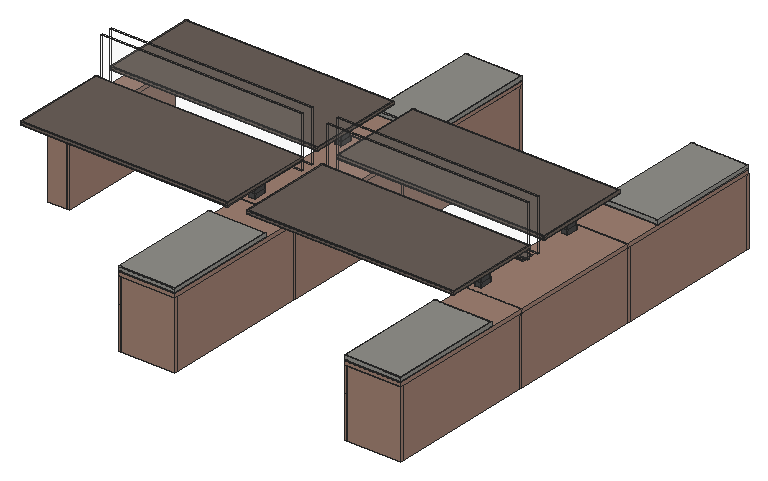
Revit family "T200196", category Furniture, Revit 2015 (continued)
Definition of nested family "STAKS CROSS RAIL BASIC POWER Double Sided Three Circuit"
  Automatic sketch dimensions
    Extrusion 1 sketch curve to Extrusion 1 sketch curve = 0.48289"  (x2)
    Extrusion 1 sketch curve to Extrusion 1 sketch curve = 0.10803"
    plane 13 to Extrusion 2 sketch curve = 0.5313"
    plane 19 to Extrusion 2 sketch curve = 1.53619"
    Extrusion 3 sketch curve to plane 1 "Center (Front/Back)" = 0.00"  (x2)
    Extrusion 3 sketch curve to plane 1 "Center (Front/Back)" = 0.1644"
    plane 4 to Extrusion 3 sketch curve = 1.3806"
    plane 1 "Center (Front/Back)" to Extrusion 3 sketch curve = 0.10561"
    Extrusion 3 sketch curve to Extrusion 3 sketch curve = 0.05878"
    plane 1 "Center (Front/Back)" to Extrusion 3 sketch curve = 0.56603"
    Extrusion 3 sketch curve to Extrusion 3 sketch curve = 0.02458"  (x2)
    Extrusion 3 sketch curve to Extrusion 3 sketch curve = 0.02775"  (x2)
    Extrusion 3 sketch curve to Extrusion 3 sketch curve = 0.02814"  (x2)
    Extrusion 3 sketch curve to plane 1 "Center (Front/Back)" = 0.10561"
    Extrusion 3 sketch curve to plane 1 "Center (Front/Back)" = 0.56603"
    Extrusion 3 sketch curve to Extrusion 3 sketch curve = 0.00529"
    Extrusion 3 sketch curve to Extrusion 3 sketch curve = 0.02224"  (x2)
    Extrusion 3 sketch curve to Extrusion 3 sketch curve = 0.02753"
    Extrusion 3 sketch curve to Extrusion 3 sketch curve = 0.00"
    Extrusion 3 sketch curve to Extrusion 3 sketch curve = 0.09356"  (x2)
    Extrusion 3 sketch curve to Extrusion 3 sketch curve = 0.26625"  (x2)
    Extrusion 3 sketch curve to Extrusion 3 sketch curve = 0.02752"  (x2)
    Extrusion 3 sketch curve to Extrusion 3 sketch curve = 0.17531"  (x2)
    Extrusion 3 sketch curve to Extrusion 3 sketch curve = 0.40998"
    Extrusion 3 sketch curve to Extrusion 3 sketch curve = 0.12078"  (x2)
    Extrusion 3 sketch curve to Extrusion 3 sketch curve = 0.096"
    Extrusion 4 sketch curve to plane 42 = 0.29039"
    plane 15 to Extrusion 4 sketch curve = 0.26139"
    plane 4 to Extrusion 4 sketch curve = 1.6227"
    Extrusion 4 sketch curve to Extrusion 4 sketch curve = 0.03538"
    Extrusion 4 sketch curve to Extrusion 4 sketch curve = 0.0537"
    Extrusion 4 sketch curve to Extrusion 4 sketch curve = 0.0963"
    Extrusion 4 sketch curve to plane 15 = 0.11622"
    Extrusion 4 sketch curve to plane 15 = 0.25829"
    Extrusion 4 sketch curve to Extrusion 4 sketch curve = 0.04427"
    Extrusion 4 sketch curve to Extrusion 4 sketch curve = 0.12931"
    Extrusion 4 sketch curve to Extrusion 4 sketch curve = 0.14662"
    Extrusion 4 sketch curve to Extrusion 4 sketch curve = 0.06164"
    Extrusion 4 sketch curve to Extrusion 4 sketch curve = 0.10456"
    Extrusion 5 sketch curve to plane 14 = 0.36951"
    Extrusion 5 sketch curve to plane 14 = 0.33413"
    plane 4 to Extrusion 5 sketch curve = 2.00319"
    Extrusion 5 sketch curve to Extrusion 5 sketch curve = 0.05701"
    Extrusion 5 sketch curve to Extrusion 5 sketch curve = 0.0537"
    Extrusion 5 sketch curve to Extrusion 5 sketch curve = 0.0963"
    plane 14 to Extrusion 5 sketch curve = 0.11881"
    plane 14 to Extrusion 5 sketch curve = 0.26088"
    Extrusion 5 sketch curve to Extrusion 5 sketch curve = 0.04291"
    Extrusion 5 sketch curve to Extrusion 5 sketch curve = 0.06852"
    Extrusion 5 sketch curve to Extrusion 5 sketch curve = 0.14662"
    Extrusion 5 sketch curve to Extrusion 5 sketch curve = 0.08504"
    Extrusion 5 sketch curve to Extrusion 5 sketch curve = 0.04427"
    Extrusion 6 sketch curve to plane 11 = 0.00"
    plane 4 to Extrusion 6 sketch curve = 1.77364"
    Extrusion 6 sketch curve to Extrusion 6 sketch curve = 0.37191"  (x2)
    plane 42 to Extrusion 6 sketch curve = 0.208"
    Extrusion 6 sketch curve to Extrusion 6 sketch curve = 1.01094"
    plane 19 to Extrusion 6 sketch curve = 0.52525"
    plane 21 to Extrusion 7 sketch curve = 0.00"
    plane 19 to Extrusion 7 sketch curve = 0.52525"
    Extrusion 7 sketch curve to plane 21 = 0.37191"  (x2)
    Extrusion 7 sketch curve to plane 21 = 0.542"
    Extrusion 7 sketch curve to Extrusion 7 sketch curve = 1.01094"  (x2)
    Extrusion 8 sketch curve to plane 11 = 0.00"
    plane 21 to Extrusion 8 sketch curve = 0.00"
    Extrusion 8 sketch curve to plane 42 = 0.3051"
    plane 4 to Extrusion 8 sketch curve = 1.88459"
    Extrusion 8 sketch curve to plane 42 = 0.19353"
    Extrusion 8 sketch curve to plane 42 = 0.21308"
    Extrusion 8 sketch curve to plane 42 = 0.30563"
    Extrusion 8 sketch curve to plane 14 = 0.35686"
    Extrusion 8 sketch curve to plane 14 = 0.35739"
    Extrusion 8 sketch curve to Extrusion 8 sketch curve = 0.09255"
    Extrusion 8 sketch curve to Extrusion 8 sketch curve = 0.11157"
    Extrusion 8 sketch curve to Extrusion 8 sketch curve = 0.35781"  (x2)
    plane 19 to Extrusion 8 sketch curve = 0.99403"  (x2)
    Extrusion 8 sketch curve to Extrusion 8 sketch curve = 0.41292"
    Extrusion 9 sketch curve to plane 14 = 0.1445"
    plane 14 to Extrusion 9 sketch curve = 0.22401"
    Extrusion 9 sketch curve to Extrusion 9 sketch curve = 0.01954"  (x2)
    Extrusion 9 sketch curve to Extrusion 9 sketch curve = 0.10014"  (x2)
    Extrusion 9 sketch curve to Extrusion 9 sketch curve = 0.0228"  (x2)
    Extrusion 9 sketch curve to plane 15 = 0.37235"
    plane 15 to Extrusion 9 sketch curve = 0.13863"
    plane 4 to Extrusion 9 sketch curve = 1.875"  (x2)
    Extrusion 9 sketch curve to Extrusion 9 sketch curve = 0.10"  (x2)
    Extrusion 9 sketch curve to Extrusion 9 sketch curve = 0.63238"
    Extrusion 9 sketch curve to Extrusion 9 sketch curve = 0.02294"
    Extrusion 10 sketch curve to Extrusion 10 sketch curve = 0.00"  (x16)
    plane 33 to Extrusion 10 sketch curve = 0.00"
    plane 32 to Extrusion 10 sketch curve = 0.00"
    plane 19 to Extrusion 10 sketch curve = 0.81172"
    Extrusion 10 sketch curve to plane 33 = 0.0625"
    Extrusion 10 sketch curve to plane 33 = 0.1961"  (x2)
    Extrusion 10 sketch curve to Extrusion 10 sketch curve = 0.0625"  (x3)
    Extrusion 10 sketch curve to Extrusion 10 sketch curve = 0.14063"
    Extrusion 10 sketch curve to Extrusion 10 sketch curve = 0.14062"  (x3)
    plane 32 to Extrusion 10 sketch curve = 0.39922"  (x2)
    Extrusion 10 sketch curve to Extrusion 10 sketch curve = 0.125"  (x4)
    Extrusion 10 sketch curve to Extrusion 10 sketch curve = 0.00885"  (x2)
    Extrusion 10 sketch curve to Extrusion 10 sketch curve = 0.00024"  (x4)
    Extrusion 10 sketch curve to Extrusion 10 sketch curve = 0.01562"  (x2)
    Extrusion 10 sketch curve to Extrusion 10 sketch curve = 0.01563"  (x2)
    Extrusion 10 sketch curve to Extrusion 10 sketch curve = 0.00654"  (x2)
    Extrusion 10 sketch curve to Extrusion 10 sketch curve = 0.0926"  (x3)
    Extrusion 10 sketch curve to Extrusion 10 sketch curve = 0.01543"  (x4)
    Extrusion 10 sketch curve to Extrusion 10 sketch curve = 0.48289"  (x2)
    plane 31 to Extrusion 11 sketch curve = 0.5313"
    plane 19 to Extrusion 11 sketch curve = 1.53619"
    Extrusion 12 sketch curve to plane 1 "Center (Front/Back)" = 0.00"  (x2)
    plane 4 to Extrusion 12 sketch curve = 1.98014"
    plane 1 "Center (Front/Back)" to Extrusion 12 sketch curve = 0.10561"
    Extrusion 12 sketch curve to Extrusion 12 sketch curve = 0.05878"  (x2)
    plane 1 "Center (Front/Back)" to Extrusion 12 sketch curve = 0.56603"
    Extrusion 12 sketch curve to Extrusion 12 sketch curve = 0.02458"  (x2)
    Extrusion 12 sketch curve to Extrusion 12 sketch curve = 0.02775"  (x2)
    Extrusion 12 sketch curve to Extrusion 12 sketch curve = 0.02814"  (x2)
    Extrusion 12 sketch curve to plane 1 "Center (Front/Back)" = 0.10561"
    Extrusion 12 sketch curve to plane 1 "Center (Front/Back)" = 0.56603"
    Extrusion 12 sketch curve to Extrusion 12 sketch curve = 0.00529"
    Extrusion 12 sketch curve to Extrusion 12 sketch curve = 0.02224"  (x2)
    Extrusion 12 sketch curve to Extrusion 12 sketch curve = 0.02753"
    Extrusion 12 sketch curve to Extrusion 12 sketch curve = 0.00969"  (x2)
    Extrusion 12 sketch curve to Extrusion 12 sketch curve = 0.096"
    Extrusion 12 sketch curve to Extrusion 12 sketch curve = 0.12078"  (x2)
    Extrusion 12 sketch curve to Extrusion 12 sketch curve = 0.17531"  (x2)
    Extrusion 12 sketch curve to Extrusion 12 sketch curve = 0.02752"  (x2)
    Extrusion 12 sketch curve to Extrusion 12 sketch curve = 0.40998"
    Extrusion 12 sketch curve to Extrusion 12 sketch curve = 0.00"
    Extrusion 12 sketch curve to Extrusion 12 sketch curve = 0.09356"  (x2)
    Extrusion 13 sketch curve to plane 41 = 0.29039"
    Extrusion 13 sketch curve to plane 41 = 0.32576"
    plane 4 to Extrusion 13 sketch curve = 2.00319"
    Extrusion 13 sketch curve to Extrusion 13 sketch curve = 0.05701"
    Extrusion 13 sketch curve to Extrusion 13 sketch curve = 0.0537"
    Extrusion 13 sketch curve to Extrusion 13 sketch curve = 0.0963"
    Extrusion 13 sketch curve to plane 33 = 0.11622"
    Extrusion 13 sketch curve to plane 33 = 0.25829"
    Extrusion 13 sketch curve to Extrusion 13 sketch curve = 0.04291"
    Extrusion 13 sketch curve to Extrusion 13 sketch curve = 0.06852"
    Extrusion 13 sketch curve to Extrusion 13 sketch curve = 0.14662"
    Extrusion 13 sketch curve to Extrusion 13 sketch curve = 0.08504"
    Extrusion 13 sketch curve to Extrusion 13 sketch curve = 0.04427"
    Extrusion 14 sketch curve to plane 32 = 0.36951"
    Extrusion 14 sketch curve to plane 32 = 0.2588"
    plane 4 to Extrusion 14 sketch curve = 1.6227"
    Extrusion 14 sketch curve to Extrusion 14 sketch curve = 0.03538"
    Extrusion 14 sketch curve to Extrusion 14 sketch curve = 0.0537"
    Extrusion 14 sketch curve to Extrusion 14 sketch curve = 0.0963"
    plane 32 to Extrusion 14 sketch curve = 0.11881"
    plane 32 to Extrusion 14 sketch curve = 0.26088"
    Extrusion 14 sketch curve to Extrusion 14 sketch curve = 0.04427"
    Extrusion 14 sketch curve to Extrusion 14 sketch curve = 0.12931"
    Extrusion 14 sketch curve to Extrusion 14 sketch curve = 0.14662"
    Extrusion 14 sketch curve to Extrusion 14 sketch curve = 0.06164"
    Extrusion 14 sketch curve to Extrusion 14 sketch curve = 0.10456"
    plane 29 to Extrusion 15 sketch curve = 0.00"
    plane 19 to Extrusion 15 sketch curve = 0.52525"
    Extrusion 15 sketch curve to plane 29 = 0.37191"  (x2)
    plane 41 to Extrusion 15 sketch curve = 0.208"
    Extrusion 15 sketch curve to Extrusion 15 sketch curve = 1.01094"  (x2)
    Extrusion 16 sketch curve to plane 38 = 0.00"
    plane 4 to Extrusion 16 sketch curve = 1.77364"
    Extrusion 16 sketch curve to Extrusion 16 sketch curve = 0.37191"  (x2)
    Extrusion 16 sketch curve to plane 38 = 0.542"
    Extrusion 16 sketch curve to Extrusion 16 sketch curve = 1.01094"
    plane 19 to Extrusion 16 sketch curve = 0.52525"
    plane 29 to Extrusion 17 sketch curve = 0.00"
    Extrusion 17 sketch curve to plane 38 = 0.00"
    plane 19 to Extrusion 17 sketch curve = 0.58111"
    Extrusion 17 sketch curve to plane 41 = 0.19353"
    Extrusion 17 sketch curve to plane 41 = 0.21308"
    Extrusion 17 sketch curve to plane 41 = 0.3051"
    Extrusion 17 sketch curve to plane 41 = 0.30563"
    Extrusion 17 sketch curve to plane 32 = 0.35686"
    Extrusion 17 sketch curve to plane 32 = 0.35739"
    Extrusion 17 sketch curve to Extrusion 17 sketch curve = 0.09255"
    Extrusion 17 sketch curve to Extrusion 17 sketch curve = 0.11157"
    Extrusion 17 sketch curve to Extrusion 17 sketch curve = 0.41292"  (x2)
    Extrusion 17 sketch curve to Extrusion 17 sketch curve = 1.08434"  (x2)
    Extrusion 17 sketch curve to Extrusion 17 sketch curve = 0.35781"
    Extrusion 18 sketch curve to plane 32 = 0.1445"
    plane 32 to Extrusion 18 sketch curve = 0.22401"
    Extrusion 18 sketch curve to Extrusion 18 sketch curve = 0.01954"  (x2)
    Extrusion 18 sketch curve to Extrusion 18 sketch curve = 0.10014"  (x2)
    Extrusion 18 sketch curve to Extrusion 18 sketch curve = 0.0228"  (x2)
    Extrusion 18 sketch curve to plane 33 = 0.37235"
    plane 33 to Extrusion 18 sketch curve = 0.13863"
    plane 4 to Extrusion 18 sketch curve = 1.00"
    Extrusion 18 sketch curve to Extrusion 18 sketch curve = 0.02294"
    Extrusion 18 sketch curve to Extrusion 18 sketch curve = 0.63238"  (x2)
    Extrusion 18 sketch curve to Extrusion 18 sketch curve = 0.10"  (x2)
    Extrusion 19 sketch curve to plane 11 = 0.00"
    Extrusion 19 sketch curve to plane 45 = 0.17982"  (x2)
    plane 19 to Extrusion 19 sketch curve = 0.52526"
    plane 12 to Extrusion 19 sketch curve = 0.07916"
    plane 4 to Extrusion 19 sketch curve = 1.77363"
    plane 46 to Extrusion 20 sketch curve = 0.1746"
    plane 19 to Extrusion 20 sketch curve = 0.52526"
    Extrusion 20 sketch curve to Extrusion 20 sketch curve = 0.00"
    Extrusion 20 sketch curve to plane 47 = 0.17518"  (x2)
    Extrusion 20 sketch curve to plane 11 = 0.25423"
    plane 50 to Extrusion 20 sketch curve = 0.57452"
    plane 4 to Extrusion 20 sketch curve = 1.77363"
    Extrusion 21 sketch curve to plane 42 = 0.00"  (x2)
    Extrusion 21 sketch curve to plane 11 = 0.00"  (x7)
    plane 42 to Extrusion 21 sketch curve = 0.25"  (x2)
    plane 19 to Extrusion 21 sketch curve = 0.72371"
    Extrusion 21 sketch curve to Extrusion 21 sketch curve = 0.00"  (x5)
    Extrusion 21 sketch curve to Extrusion 21 sketch curve = 0.03401"  (x2)
    Extrusion 21 sketch curve to Extrusion 21 sketch curve = 0.0625"  (x4)
    Extrusion 21 sketch curve to Extrusion 21 sketch curve = 0.125"  (x2)
    Extrusion 21 sketch curve to Extrusion 21 sketch curve = 0.1875"  (x5)
    Extrusion 21 sketch curve to Extrusion 21 sketch curve = 0.04687"
    Extrusion 21 sketch curve to Extrusion 21 sketch curve = 0.04688"  (x3)
    Extrusion 22 sketch curve to plane 45 = 0.15394"
    plane 19 to Extrusion 22 sketch curve = 0.59871"
    plane 11 to Extrusion 22 sketch curve = 0.38868"
    plane 46 to Extrusion 22 sketch curve = 0.14943"  (x2)
    plane 12 to Extrusion 22 sketch curve = 0.07916"
    plane 50 to Extrusion 22 sketch curve = 0.57452"
    plane 4 to Extrusion 22 sketch curve = 1.84707"
    plane 29 to Extrusion 23 sketch curve = 0.00"
    plane 48 to Extrusion 23 sketch curve = 0.17982"  (x2)
    Extrusion 23 sketch curve to plane 19 = 0.52526"
    Extrusion 23 sketch curve to plane 30 = 0.07916"
    Extrusion 23 sketch curve to plane 4 = 1.77363"
    Extrusion 24 sketch curve to plane 49 = 0.1746"
    Extrusion 24 sketch curve to plane 19 = 0.52526"
    Extrusion 24 sketch curve to Extrusion 24 sketch curve = 0.00"
    plane 50 to Extrusion 24 sketch curve = 0.17518"  (x2)
    plane 29 to Extrusion 24 sketch curve = 0.25423"
    Extrusion 24 sketch curve to plane 47 = 0.57452"
    Extrusion 24 sketch curve to plane 4 = 1.77363"
    plane 41 to Extrusion 25 sketch curve = 0.00"  (x2)
    plane 29 to Extrusion 25 sketch curve = 0.00"  (x7)
    Extrusion 25 sketch curve to plane 41 = 0.25"  (x2)
    Extrusion 25 sketch curve to plane 19 = 0.72371"
    Extrusion 25 sketch curve to Extrusion 25 sketch curve = 0.00"  (x5)
    Extrusion 25 sketch curve to Extrusion 25 sketch curve = 0.03401"  (x2)
    Extrusion 25 sketch curve to Extrusion 25 sketch curve = 0.0625"  (x4)
    Extrusion 25 sketch curve to Extrusion 25 sketch curve = 0.125"  (x2)
    Extrusion 25 sketch curve to Extrusion 25 sketch curve = 0.1875"  (x5)
    Extrusion 25 sketch curve to Extrusion 25 sketch curve = 0.04687"
    Extrusion 25 sketch curve to Extrusion 25 sketch curve = 0.04688"  (x3)
    plane 48 to Extrusion 26 sketch curve = 0.15394"
    Extrusion 26 sketch curve to plane 19 = 0.59871"
    Extrusion 26 sketch curve to plane 29 = 0.38868"
    Extrusion 26 sketch curve to plane 49 = 0.14943"  (x2)
    Extrusion 26 sketch curve to plane 30 = 0.07916"
    Extrusion 26 sketch curve to plane 47 = 0.57452"
    Extrusion 26 sketch curve to plane 4 = 1.84707"
    Extrusion 27 sketch curve to plane 1 "Center (Front/Back)" = 0.00"
    plane 19 to Extrusion 27 sketch curve = 1.05899"
    Extrusion 27 sketch curve to Extrusion 27 sketch curve = 0.47722"
    plane 15 to Extrusion 28 sketch curve = 0.15728"
    Extrusion 28 sketch curve to plane 15 = 0.14273"
    Extrusion 28 sketch curve to plane 1 "Center (Front/Back)" = 0.84"
    Extrusion 28 sketch curve to plane 15 = 0.03272"  (x2)
    plane 1 "Center (Front/Back)" to Extrusion 28 sketch curve = 0.65"
    Extrusion 29 sketch curve to plane 14 = 0.15728"
    plane 14 to Extrusion 29 sketch curve = 0.14273"
    plane 1 "Center (Front/Back)" to Extrusion 29 sketch curve = 0.84"
    plane 14 to Extrusion 29 sketch curve = 0.03272"  (x2)
    Extrusion 29 sketch curve to plane 1 "Center (Front/Back)" = 0.65"
    Extrusion 30 sketch curve to plane 12 = 0.00"
    Extrusion 30 sketch curve to plane 13 = 0.00"
    Extrusion 30 sketch curve to plane 1 "Center (Front/Back)" = 0.175"
    plane 12 to Extrusion 30 sketch curve = 0.125"
    Extrusion 30 sketch curve to plane 13 = 0.125"
    plane 1 "Center (Front/Back)" to Extrusion 30 sketch curve = 0.65353"
    Extrusion 31 sketch curve to Extrusion 31 sketch curve = 0.00"  (x2)
    plane 1 "Center (Front/Back)" to Extrusion 31 sketch curve = 0.05"
    Extrusion 31 sketch curve to plane 1 "Center (Front/Back)" = 0.175"
    plane 4 to Extrusion 31 sketch curve = 1.00"
    Extrusion 31 sketch curve to plane 1 "Center (Front/Back)" = 0.05"
    Extrusion 31 sketch curve to Extrusion 31 sketch curve = 0.31054"
    plane 33 to Extrusion 32 sketch curve = 0.15728"
    Extrusion 32 sketch curve to plane 33 = 0.14273"
    plane 1 "Center (Front/Back)" to Extrusion 32 sketch curve = 0.84"
    Extrusion 32 sketch curve to plane 33 = 0.03272"  (x2)
    Extrusion 32 sketch curve to plane 1 "Center (Front/Back)" = 0.65"
    Extrusion 33 sketch curve to plane 32 = 0.15728"
    plane 32 to Extrusion 33 sketch curve = 0.14273"
    Extrusion 33 sketch curve to plane 1 "Center (Front/Back)" = 0.84"
    plane 32 to Extrusion 33 sketch curve = 0.03272"  (x2)
    plane 1 "Center (Front/Back)" to Extrusion 33 sketch curve = 0.65"
    Extrusion 34 sketch curve to plane 30 = 0.00"
    Extrusion 34 sketch curve to plane 31 = 0.00"
    Extrusion 34 sketch curve to plane 31 = 0.125"
    plane 1 "Center (Front/Back)" to Extrusion 34 sketch curve = 0.65353"
    plane 30 to Extrusion 34 sketch curve = 0.125"
    Extrusion 34 sketch curve to plane 1 "Center (Front/Back)" = 0.05"
    Extrusion 35 sketch curve to Extrusion 35 sketch curve = 0.00"  (x2)
    plane 1 "Center (Front/Back)" to Extrusion 35 sketch curve = 0.05"
    plane 4 to Extrusion 35 sketch curve = 1.53554"
    Extrusion 35 sketch curve to plane 1 "Center (Front/Back)" = 0.05"
    Extrusion 35 sketch curve to plane 1 "Center (Front/Back)" = 0.175"
    Extrusion 35 sketch curve to Extrusion 35 sketch curve = 0.31054"
    Extrusion 36 sketch curve to plane 16 = 2.91339"
    Extrusion 36 sketch curve to plane 34 = 2.91339"
    plane 54 to Extrusion 36 sketch curve = 1.00"
    plane 53 to Extrusion 36 sketch curve = 1.00"
    plane 19 to Extrusion 37 sketch curve = 1.01441"
    Extrusion 37 sketch curve to plane 1 "Center (Front/Back)" = 0.67292"
    plane 19 to Extrusion 37 sketch curve = 0.88941"
    Extrusion 37 sketch curve to Extrusion 37 sketch curve = 0.125"  (x2)
    Extrusion 37 sketch curve to plane 57 = 0.00"  (x2)
    plane 1 "Center (Front/Back)" to Extrusion 37 sketch curve = 0.67292"
    Extrusion 38 sketch curve to plane 53 = 0.25"
    Extrusion 38 sketch curve to plane 54 = 0.25"
    radius of Extrusion 2 sketch curve = 0.0625"
    radius of Extrusion 11 sketch curve = 0.0625"
Definition of nested family "STAKS WORKSURFACE EDGE MODESTY FROSTED ACRYLIC"
  Parameters (values of type "STAKS WORKSURFACE EDGE MODESTY FROSTED ACRYLIC 66")
    Width = 66.00"
    URL = "http://www.ofs.com/"
    Model = "6-WEMA-66/23.75"
    Manufacturer = "OFS"
    Height From Floor = 23.75"
    Height = 23.75"
    Description = "OFS STAKS WORKSURFACE EDGE MODESTY FROSTED ACRYLIC 66\", Provides Privacy in the Open Plan or Private Office"
    Depth = 0.75"
    Copyright © = "© 2018 OFS"
    Catalog = "https://ofs.com/products/casegoods/private-office/staks"
    Panel Material = none
    Authoring Version = "Autodesk Revit Architecture 2013"
    Assembly Code = "E2020200"
  Types (9): name | Width | Model | Description
    STAKS WORKSURFACE EDGE MODESTY FROSTED ACRYLIC 24 | 24.00" | "6-WEMA-24/23.75" | "OFS STAKS WORKSURFACE EDGE MODESTY FROSTED ACRYLIC 24\", Provides Privacy in the Open Plan or Private Office"
    STAKS WORKSURFACE EDGE MODESTY FROSTED ACRYLIC 30 | 30.00" | "6-WEMA-30/23.75" | "OFS STAKS WORKSURFACE EDGE MODESTY FROSTED ACRYLIC 30\", Provides Privacy in the Open Plan or Private Office"
    STAKS WORKSURFACE EDGE MODESTY FROSTED ACRYLIC 36 | 36.00" | "6-WEMA-36/23.75" | "OFS STAKS WORKSURFACE EDGE MODESTY FROSTED ACRYLIC 36\", Provides Privacy in the Open Plan or Private Office"
    STAKS WORKSURFACE EDGE MODESTY FROSTED ACRYLIC 42 | 42.00" | "6-WEMA-42/23.75" | "OFS STAKS WORKSURFACE EDGE MODESTY FROSTED ACRYLIC 42\", Provides Privacy in the Open Plan or Private Office"
    STAKS WORKSURFACE EDGE MODESTY FROSTED ACRYLIC 48 | 48.00" | "6-WEMA-48/23.75" | "OFS STAKS WORKSURFACE EDGE MODESTY FROSTED ACRYLIC 48\", Provides Privacy in the Open Plan or Private Office"
    STAKS WORKSURFACE EDGE MODESTY FROSTED ACRYLIC 54 | 54.00" | "6-WEMA-54/23.75" | "OFS STAKS WORKSURFACE EDGE MODESTY FROSTED ACRYLIC 54\", Provides Privacy in the Open Plan or Private Office"
    STAKS WORKSURFACE EDGE MODESTY FROSTED ACRYLIC 60 | 60.00" | "6-WEMA-60/23.75" | "OFS STAKS WORKSURFACE EDGE MODESTY FROSTED ACRYLIC 60\", Provides Privacy in the Open Plan or Private Office"
    STAKS WORKSURFACE EDGE MODESTY FROSTED ACRYLIC 66 | 66.00" | "6-WEMA-66/23.75" | "OFS STAKS WORKSURFACE EDGE MODESTY FROSTED ACRYLIC 66\", Provides Privacy in the Open Plan or Private Office"
    STAKS WORKSURFACE EDGE MODESTY FROSTED ACRYLIC 72 | 72.00" | "6-WEMA-72/23.75" | "OFS STAKS WORKSURFACE EDGE MODESTY FROSTED ACRYLIC 72\", Provides Privacy in the Open Plan or Private Office"
  Reference planes (in)
    plane 1: z = 0
    plane 2 "Center (Front/Back)": y = 2.37535
    plane 3 "LEFT": x = -49.5
    plane 4 "BASE TOP": z = 23.75
    plane 5 "RIGHT": x = 16.5
    plane 6: z = 0
    plane 7: y = 2.75035
    plane 8 "CENTER": x = -16.5
    plane 9: y = 2.00035
  Forms (in)
    Extrusion 1, solid, material <- "Panel Material"
      sketch origin (0, 2.37535, 0) x (1, 0, 0) y (0, 0, 1)
        loop
          line (-49.5, 23.75) -> (-49.5, 0) -> (16.5, 0) -> (16.5, 23.75) -> (-49.5, 23.75)
      from -0.375 to 0.375
  Dimensions and locks (in)
    "Height From Floor": plane 4 "BASE TOP" to plane 1
    "Height": plane 4 "BASE TOP" to plane 6
    equal spacing: plane 3 "LEFT", plane 8 "CENTER", plane 5 "RIGHT"
    equal spacing: plane 9, plane 2 "Center (Front/Back)", plane 7
    "Width": plane 3 "LEFT" to plane 5 "RIGHT"
    "Depth": plane 9 to plane 7
    aligned and locked: level to plane 1
    aligned and locked: Extrusion 1 sketch curve to plane 4 "BASE TOP"
    aligned and locked: plane 3 "LEFT" to Extrusion 1 sketch curve
    aligned and locked: Extrusion 1 sketch curve to plane 5 "RIGHT"
    aligned and locked: Extrusion 1 to plane 6
    aligned and locked: Extrusion 1 to plane 7
    aligned and locked: Extrusion 1 to plane 9
  Automatic sketch dimensions
    Extrusion 1 sketch curve to plane 6 = 0.00"
